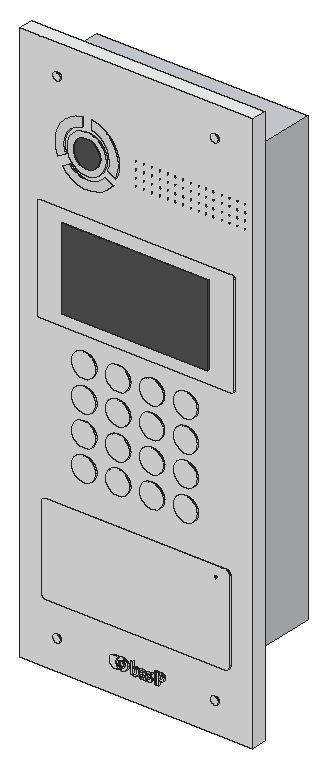
Revit family "BAS-IP_Вызывная панель_AA-07MD", category Устройства связи, Revit 2019
Family settings
  Сохранять ориентацию аннотаций = Нет
  Размер круглого соединителя = Использовать диаметр
  Тип детали = Нормальный
  На основе рабочей плоскости = Нет
  Всегда вертикально = Да
  При загрузке вырезать с полостями = Нет
  Общий = Нет
  Точка расчета площади = Нет
Parameters (values of type "Серебристый")
  Цветовое решение = "Серебристый"
  Цвет = Gray silver
  Угол обзора камеры = "110° (по горизонтали)"
  УГО_Смещение_Y [instance] = 0 mm
  УГО_Смещение_X [instance] = 0 mm
  Тип установки = "Врезной, накладной с BR-AA"
  Тип панели = "Многоквартирная"
  Тип клавиатуры = "Механические кнопки с подсветкой"
  Температурный режим = "-40 – +65 °С"
  Разрешение = "2 Мп"
  Размер самой панели = "155 × 375 × 55 мм"
  Размер под установку = "140 × 350 × 60 мм"
  Потребление питания = "6,5 Вт, в режиме ожидания - 3,6 Вт"
  Питание = "+12 В постоянного тока"
  Ночная подсветка = "6 светодиодов"
  Минимальная освещенность = "0,01 Люкс"
  Корпус = "Алюминий"
  Класс степени защиты = "IP65"
  Камера = "1/3”"
  Изготовитель = "BAS-IP"  # constant formula
  Зона обслуживания [instance] = no
  Дисплей = "4,3” TFT, цветной с подсветкой"
  Выходное видео = "HalfHD (1280x720), H.264 Main Profile"
  IK-код = "IK07"
  ADSK_Размер_Смещение от уровня [instance] = 1000 mm
  ADSK_Примечание [instance] = ""
  ADSK_Позиция [instance] = ""
  ADSK_Наименование = "Многоабонентская IP вызывная панель с TFT экраном 4,3 дюйма"
  ADSK_Материал = Silver
  ADSK_Марка = "AA-07MD Silver"
  ADSK_Количество = 1  # constant formula
  ADSK_Код изделия = ""
  ADSK_Завод-изготовитель = "BAS-IP"  # constant formula
  ADSK_Единица измерения = "шт."  # constant formula
Reference planes
  plane 1 "По центру (Вперед/Назад)": y = 0
  plane 2: z = 0
  plane 3 "По центру (Влево/Вправо)": x = 0
  plane 4: z = 1000
  plane 5: z = 0
  plane 6: y = 0
  plane 7: x = 0
Forms (mm)
  Extrusion 1, solid, material "Silver" <- "ADSK_Материал", detail levels medium+fine
    sketch origin (0, -8, 1000) x (1, 0, 0) y (0, 0, 1)
      loop
        line (-77.5, 0) -> (77.5, 0) -> (77.5, 375) -> (-77.5, 375) -> (-77.5, 0)
    from -8 to 2
  Extrusion 2, solid, detail levels medium+fine
    sketch origin (0, -8, 1000) x (1, 0, 0) y (0, 0, 1)
      loop
        line (-70, 350) -> (-70, 50) -> (70, 50) -> (70, 350) -> (-70, 350)
    from -53 to -8
  Extrusion 3, solid, material "Silver" <- "ADSK_Материал", detail levels fine
    sketch origin (0, -7.5, 1000) x (1, 0, 0) y (0, 0, 1)
      loop
        arc (-59.5, 100.854) -> (-61.621, 99.975) -> (-62.5, 97.854) r 3
        line (-62.5, 97.854) -> (-62.5, 43.854)
        arc (-62.5, 43.854) -> (-61.621, 41.732) -> (-59.5, 40.854) r 3
        line (-59.5, 40.854) -> (59.5, 40.854)
        arc (59.5, 40.854) -> (61.621, 41.732) -> (62.5, 43.854) r 3
        line (62.5, 43.854) -> (62.5, 97.854)
        arc (62.5, 97.854) -> (61.621, 99.975) -> (59.5, 100.854) r 3
        line (59.5, 100.854) -> (-59.5, 100.854)
    from 2 to 3
  Extrusion 4, void, detail levels fine
    sketch origin (-6.684, -8, 1047.747) x (1, 0, 0) y (0, 0, 1)
      loop
        circle (60.5, 46.187) r 1
    from 0 to 2.5
  Extrusion 5, void, detail levels fine
    sketch origin (-209.374, -8, 1225.582) x (1, 0, 0) y (0, 0, 1)
      loop
        circle (209.254, 97.039) r 0.5
      loop
        circle (214.754, 97.039) r 0.5
      loop
        circle (220.004, 97.039) r 0.5
      loop
        circle (225.316, 97.039) r 0.5
      loop
        circle (209.254, 92.039) r 0.5
      loop
        circle (214.754, 92.039) r 0.5
      loop
        circle (220.004, 92.039) r 0.5
      loop
        circle (225.316, 92.039) r 0.5
      loop
        circle (209.254, 87.039) r 0.5
      loop
        circle (214.754, 87.039) r 0.5
      loop
        circle (220.004, 87.039) r 0.5
      loop
        circle (225.316, 87.039) r 0.5
      loop
        circle (209.254, 82.039) r 0.5
      loop
        circle (214.754, 82.039) r 0.5
      loop
        circle (220.004, 82.039) r 0.5
      loop
        circle (225.316, 82.039) r 0.5
      loop
        circle (276.937, 97.039) r 0.5
      loop
        circle (271.687, 97.039) r 0.5
      loop
        circle (266.375, 97.039) r 0.5
      loop
        circle (276.937, 92.039) r 0.5
      loop
        circle (271.687, 92.039) r 0.5
      loop
        circle (266.375, 92.039) r 0.5
      loop
        circle (276.937, 87.039) r 0.5
      loop
        circle (271.687, 87.039) r 0.5
      loop
        circle (266.375, 87.039) r 0.5
      loop
        circle (276.937, 82.039) r 0.5
      loop
        circle (271.687, 82.039) r 0.5
      loop
        circle (266.375, 82.039) r 0.5
      loop
        circle (282.187, 97.039) r 0.5
      loop
        circle (282.187, 92.039) r 0.5
      loop
        circle (282.187, 87.039) r 0.5
      loop
        circle (282.187, 82.039) r 0.5
    from 1 to 2
  Extrusion 6, void, detail levels fine
    sketch origin (-209.374, -8, 1305.582) x (1, 0, 0) y (0, 0, 1)
      loop
        circle (245.846, 17.039) r 0.5
      loop
        circle (245.846, 12.039) r 0.5
      loop
        circle (245.846, 7.039) r 0.5
      loop
        circle (245.846, 2.039) r 0.5
      loop
        circle (240.596, 17.039) r 0.5
      loop
        circle (240.596, 12.039) r 0.5
      loop
        circle (240.596, 7.039) r 0.5
      loop
        circle (240.596, 2.039) r 0.5
      loop
        circle (235.658, 17.039) r 0.5
      loop
        circle (235.658, 12.039) r 0.5
      loop
        circle (235.658, 7.039) r 0.5
      loop
        circle (235.658, 2.039) r 0.5
      loop
        circle (251.096, 17.039) r 0.5
      loop
        circle (251.096, 12.039) r 0.5
      loop
        circle (251.096, 7.039) r 0.5
      loop
        circle (251.096, 2.039) r 0.5
      loop
        circle (256.033, 17.039) r 0.5
      loop
        circle (256.033, 12.039) r 0.5
      loop
        circle (256.033, 7.039) r 0.5
      loop
        circle (256.033, 2.039) r 0.5
      loop
        circle (230.721, 17.039) r 0.5
      loop
        circle (230.721, 12.039) r 0.5
      loop
        circle (230.721, 7.039) r 0.5
      loop
        circle (230.721, 2.039) r 0.5
      loop
        circle (260.971, 17.039) r 0.5
      loop
        circle (260.971, 12.039) r 0.5
      loop
        circle (260.971, 7.039) r 0.5
      loop
        circle (260.971, 2.039) r 0.5
    from 0 to 2
  Extrusion 7, solid, material "Black", detail levels fine
    sketch origin (0, -8, 1019.127) x (1, 0, 0) y (0, 0, 1)
      loop
        line (-48.5, 250.279) -> (-48.5, 196.279) -> (48.5, 196.279) -> (48.5, 250.279) -> (-48.5, 250.279)
    from 1.5 to 3
  Extrusion 8, solid, material "Silver" <- "ADSK_Материал", detail levels fine
    sketch origin (-5.5, -7.5, 1139.127) x (1, 0, 0) y (0, 0, 1)
      loop
        arc (-58, 138.279) -> (-59.414, 137.693) -> (-60, 136.279) r 2
        line (-60, 136.279) -> (-60, 70.279)
        arc (-60, 70.279) -> (-59.414, 68.864) -> (-58, 68.279) r 2
        line (-58, 68.279) -> (69, 68.279)
        arc (69, 68.279) -> (70.414, 68.864) -> (71, 70.279) r 2
        line (71, 70.279) -> (71, 136.279)
        arc (71, 136.279) -> (70.414, 137.693) -> (69, 138.279) r 2
        line (69, 138.279) -> (-58, 138.279)
    from 2 to 3
  Extrusion 9, solid, material "Gray silver", detail levels fine
    sketch origin (150.034, -8, 1088.366) x (1, 0, 0) y (0, 0, 1)
      loop
        circle (-202.534, 266.634) r 2.5
      loop
        circle (-97.534, 266.634) r 2.5
      loop
        circle (-202.534, -68.366) r 2.5
      loop
        circle (-97.534, -68.366) r 2.5
    from 0 to 2.5
  Extrusion 10, solid, material "Black", detail levels fine
    sketch origin (-32.5, -7.5, 1180.728) x (1, 0, 0) y (0, 0, 1)
      loop
        circle (0, 135.001) r 9
    from 2 to 3
  Extrusion 11, solid, material "White", detail levels fine
    sketch origin (-32.5, -7.5, 1180.728) x (1, 0, 0) y (0, 0, 1)
      loop
        arc (-14.192, 130.272) -> (-13.253, 142.888) -> (-3, 150.299) r 15
        line (-3, 150.299) -> (-3, 156.293)
        arc (-3, 156.293) -> (-18.287, 145.815) -> (-19.322, 127.31) r 21
        line (-19.322, 127.31) -> (-14.192, 130.272)
      loop
        line (14.192, 130.272) -> (19.322, 127.31)
        arc (19.322, 127.31) -> (18.287, 145.815) -> (3, 156.293) r 21
        line (3, 156.293) -> (3, 150.299)
        arc (3, 150.299) -> (13.253, 142.888) -> (14.192, 130.272) r 15
      loop
        line (-11.192, 125.075) -> (-16.322, 122.114)
        arc (-16.322, 122.114) -> (0.221, 113.757) -> (16.939, 121.757) r 21
        line (16.939, 121.757) -> (11.749, 124.754)
        arc (11.749, 124.754) -> (0.204, 119.58) -> (-11.192, 125.075) r 15
    from 2 to 3
  Extrusion 12, solid, material "Silver" <- "ADSK_Материал", detail levels fine
    sketch origin (0, -7.5, 1000) x (1, 0, 0) y (0, 0, 1)
      loop
        circle (-34.465, 189.282) r 8.017
      loop
        circle (-11.965, 189.282) r 8.017
      loop
        circle (10.535, 189.282) r 8.017
      loop
        circle (33.035, 189.282) r 8.017
      loop
        circle (-34.465, 168.645) r 8.017
      loop
        circle (-11.965, 168.645) r 8.017
      loop
        circle (10.535, 168.645) r 8.017
      loop
        circle (33.035, 168.645) r 8.017
      loop
        circle (-34.465, 148.02) r 8.017
      loop
        circle (-11.965, 148.02) r 8.017
      loop
        circle (10.535, 148.02) r 8.017
      loop
        circle (33.035, 148.02) r 8.017
      loop
        circle (-34.465, 127.395) r 8.017
      loop
        circle (-11.965, 127.395) r 8.017
      loop
        circle (10.535, 127.395) r 8.017
      loop
        circle (33.035, 127.395) r 8.017
    from 2 to 3
  Extrusion 13, solid, material "White", detail levels fine
    sketch origin (0, 0, 1000) x (1, 0, 0) y (0, 0, 1)
      loop
        circle (-32.5, 315.729) r 13
      loop
        circle (-32.5, 315.729) r 9
    from 9.5 to 10.5
  Extrusion 14, solid, material "Silver" <- "ADSK_Материал", not visible, detail levels medium+fine
    sketch origin (0, -8, 0) x (1, 0, 0) y (0, 0, 1)
      loop
        line (-77.5, 0) -> (77.5, 0) -> (77.5, 375) -> (-77.5, 375) -> (-77.5, 0)
    from -8 to 2
  Extrusion 15, solid, not visible, detail levels medium+fine
    sketch origin (0, -8, 0) x (1, 0, 0) y (0, 0, 1)
      loop
        line (-70, 350) -> (-70, 50) -> (70, 50) -> (70, 350) -> (-70, 350)
    from -53 to -8
  Extrusion 16, solid, material "Silver" <- "ADSK_Материал", not visible, detail levels fine
    sketch origin (0, -7.5, 0) x (1, 0, 0) y (0, 0, 1)
      loop
        arc (-59.5, 100.854) -> (-61.621, 99.975) -> (-62.5, 97.854) r 3
        line (-62.5, 97.854) -> (-62.5, 43.854)
        arc (-62.5, 43.854) -> (-61.621, 41.732) -> (-59.5, 40.854) r 3
        line (-59.5, 40.854) -> (59.5, 40.854)
        arc (59.5, 40.854) -> (61.621, 41.732) -> (62.5, 43.854) r 3
        line (62.5, 43.854) -> (62.5, 97.854)
        arc (62.5, 97.854) -> (61.621, 99.975) -> (59.5, 100.854) r 3
        line (59.5, 100.854) -> (-59.5, 100.854)
    from 2 to 3
  Extrusion 17, void, not visible, detail levels fine
    sketch origin (-6.684, -8, 47.747) x (1, 0, 0) y (0, 0, 1)
      loop
        circle (60.5, 46.187) r 1
    from 0 to 2.5
  Extrusion 18, void, not visible, detail levels fine
    sketch origin (-209.374, -8, 225.582) x (1, 0, 0) y (0, 0, 1)
      loop
        circle (209.254, 97.039) r 0.5
      loop
        circle (214.754, 97.039) r 0.5
      loop
        circle (220.004, 97.039) r 0.5
      loop
        circle (225.316, 97.039) r 0.5
      loop
        circle (209.254, 92.039) r 0.5
      loop
        circle (214.754, 92.039) r 0.5
      loop
        circle (220.004, 92.039) r 0.5
      loop
        circle (225.316, 92.039) r 0.5
      loop
        circle (209.254, 87.039) r 0.5
      loop
        circle (214.754, 87.039) r 0.5
      loop
        circle (220.004, 87.039) r 0.5
      loop
        circle (225.316, 87.039) r 0.5
      loop
        circle (209.254, 82.039) r 0.5
      loop
        circle (214.754, 82.039) r 0.5
      loop
        circle (220.004, 82.039) r 0.5
      loop
        circle (225.316, 82.039) r 0.5
      loop
        circle (276.937, 97.039) r 0.5
      loop
        circle (271.687, 97.039) r 0.5
      loop
        circle (266.375, 97.039) r 0.5
      loop
        circle (276.937, 92.039) r 0.5
      loop
        circle (271.687, 92.039) r 0.5
      loop
        circle (266.375, 92.039) r 0.5
      loop
        circle (276.937, 87.039) r 0.5
      loop
        circle (271.687, 87.039) r 0.5
      loop
        circle (266.375, 87.039) r 0.5
      loop
        circle (276.937, 82.039) r 0.5
      loop
        circle (271.687, 82.039) r 0.5
      loop
        circle (266.375, 82.039) r 0.5
      loop
        circle (282.187, 97.039) r 0.5
      loop
        circle (282.187, 92.039) r 0.5
      loop
        circle (282.187, 87.039) r 0.5
      loop
        circle (282.187, 82.039) r 0.5
    from 1 to 2
  Extrusion 19, void, not visible, detail levels fine
    sketch origin (-209.374, -8, 305.582) x (1, 0, 0) y (0, 0, 1)
      loop
        circle (245.846, 17.039) r 0.5
      loop
        circle (245.846, 12.039) r 0.5
      loop
        circle (245.846, 7.039) r 0.5
      loop
        circle (245.846, 2.039) r 0.5
      loop
        circle (240.596, 17.039) r 0.5
      loop
        circle (240.596, 12.039) r 0.5
      loop
        circle (240.596, 7.039) r 0.5
      loop
        circle (240.596, 2.039) r 0.5
      loop
        circle (235.658, 17.039) r 0.5
      loop
        circle (235.658, 12.039) r 0.5
      loop
        circle (235.658, 7.039) r 0.5
      loop
        circle (235.658, 2.039) r 0.5
      loop
        circle (251.096, 17.039) r 0.5
      loop
        circle (251.096, 12.039) r 0.5
      loop
        circle (251.096, 7.039) r 0.5
      loop
        circle (251.096, 2.039) r 0.5
      loop
        circle (256.033, 17.039) r 0.5
      loop
        circle (256.033, 12.039) r 0.5
      loop
        circle (256.033, 7.039) r 0.5
      loop
        circle (256.033, 2.039) r 0.5
      loop
        circle (230.721, 17.039) r 0.5
      loop
        circle (230.721, 12.039) r 0.5
      loop
        circle (230.721, 7.039) r 0.5
      loop
        circle (230.721, 2.039) r 0.5
      loop
        circle (260.971, 17.039) r 0.5
      loop
        circle (260.971, 12.039) r 0.5
      loop
        circle (260.971, 7.039) r 0.5
      loop
        circle (260.971, 2.039) r 0.5
    from 0 to 2
  Extrusion 20, solid, material "Black", not visible, detail levels fine
    sketch origin (0, -8, 19.127) x (1, 0, 0) y (0, 0, 1)
      loop
        line (-48.5, 250.279) -> (-48.5, 196.279) -> (48.5, 196.279) -> (48.5, 250.279) -> (-48.5, 250.279)
    from 1.5 to 3
  Extrusion 21, solid, material "Silver" <- "ADSK_Материал", not visible, detail levels fine
    sketch origin (-5.5, -7.5, 139.127) x (1, 0, 0) y (0, 0, 1)
      loop
        arc (-58, 138.279) -> (-59.414, 137.693) -> (-60, 136.279) r 2
        line (-60, 136.279) -> (-60, 70.279)
        arc (-60, 70.279) -> (-59.414, 68.864) -> (-58, 68.279) r 2
        line (-58, 68.279) -> (69, 68.279)
        arc (69, 68.279) -> (70.414, 68.864) -> (71, 70.279) r 2
        line (71, 70.279) -> (71, 136.279)
        arc (71, 136.279) -> (70.414, 137.693) -> (69, 138.279) r 2
        line (69, 138.279) -> (-58, 138.279)
    from 2 to 3
  Extrusion 22, solid, material "Gray silver", not visible, detail levels fine
    sketch origin (150.034, -8, 88.366) x (1, 0, 0) y (0, 0, 1)
      loop
        circle (-202.534, 266.634) r 2.5
      loop
        circle (-97.534, 266.634) r 2.5
      loop
        circle (-202.534, -68.366) r 2.5
      loop
        circle (-97.534, -68.366) r 2.5
    from 0 to 2.5
  Extrusion 23, solid, material "Black", not visible, detail levels fine
    sketch origin (-32.5, -7.5, 180.728) x (1, 0, 0) y (0, 0, 1)
      loop
        circle (0, 135.001) r 9
    from 2 to 3
  Extrusion 24, solid, material "White", not visible, detail levels fine
    sketch origin (-32.5, -7.5, 180.728) x (1, 0, 0) y (0, 0, 1)
      loop
        arc (-14.192, 130.272) -> (-13.253, 142.888) -> (-3, 150.299) r 15
        line (-3, 150.299) -> (-3, 156.293)
        arc (-3, 156.293) -> (-18.287, 145.815) -> (-19.322, 127.31) r 21
        line (-19.322, 127.31) -> (-14.192, 130.272)
      loop
        line (14.192, 130.272) -> (19.322, 127.31)
        arc (19.322, 127.31) -> (18.287, 145.815) -> (3, 156.293) r 21
        line (3, 156.293) -> (3, 150.299)
        arc (3, 150.299) -> (13.253, 142.888) -> (14.192, 130.272) r 15
      loop
        line (-11.192, 125.075) -> (-16.322, 122.114)
        arc (-16.322, 122.114) -> (0.221, 113.757) -> (16.939, 121.757) r 21
        line (16.939, 121.757) -> (11.749, 124.754)
        arc (11.749, 124.754) -> (0.204, 119.58) -> (-11.192, 125.075) r 15
    from 2 to 3
  Extrusion 25, solid, material "Silver" <- "ADSK_Материал", not visible, detail levels fine
    sketch origin (0, -7.5, 0) x (1, 0, 0) y (0, 0, 1)
      loop
        circle (-34.465, 189.282) r 8.017
      loop
        circle (-11.965, 189.282) r 8.017
      loop
        circle (10.535, 189.282) r 8.017
      loop
        circle (33.035, 189.282) r 8.017
      loop
        circle (-34.465, 168.645) r 8.017
      loop
        circle (-11.965, 168.645) r 8.017
      loop
        circle (10.535, 168.645) r 8.017
      loop
        circle (33.035, 168.645) r 8.017
      loop
        circle (-34.465, 148.02) r 8.017
      loop
        circle (-11.965, 148.02) r 8.017
      loop
        circle (10.535, 148.02) r 8.017
      loop
        circle (33.035, 148.02) r 8.017
      loop
        circle (-34.465, 127.395) r 8.017
      loop
        circle (-11.965, 127.395) r 8.017
      loop
        circle (10.535, 127.395) r 8.017
      loop
        circle (33.035, 127.395) r 8.017
    from 2 to 3
  Extrusion 26, solid, material "White", not visible, detail levels fine
    sketch origin (0, 0, 0) x (1, 0, 0) y (0, 0, 1)
      loop
        circle (-32.5, 315.729) r 13
      loop
        circle (-32.5, 315.729) r 9
    from 9.5 to 10.5
Cuts and joins
  Extrusion 4, Extrusion 5, Extrusion 6 cuts Extrusion 1
  Extrusion 4 cuts Extrusion 3
Dimensions and locks
  "ADSK_Размер_Смещение от уровня": plane 4 to level
  "УГО_Смещение_X": plane 3 "По центру (Влево/Вправо)" to plane 7
  "УГО_Смещение_Y": plane 6 to plane 1 "По центру (Вперед/Назад)"
  aligned and locked: level to plane 2
  aligned and locked: cut or joined group of Extrusion 1, Extrusion 4, Extrusion 5, Extrusion 6 to plane 4
  aligned and locked: nested 5 to plane 6
  aligned and locked: plane 7 to nested 5
Automatic sketch dimensions
  Extrusion 2 sketch curve to Extrusion 2 sketch curve = 300 mm
  Extrusion 3 sketch curve to Extrusion 3 sketch curve = 3 mm  (x3)
  Extrusion 3 sketch curve to Extrusion 3 sketch curve = 0 mm
  Extrusion 3 sketch curve to Extrusion 3 sketch curve = 54 mm
  Extrusion 5 sketch curve to Extrusion 5 sketch curve = 0 mm  (x27)
  Extrusion 5 sketch curve to Extrusion 5 sketch curve = 5.25 mm  (x5)
  Extrusion 5 sketch curve to Extrusion 5 sketch curve = 5.313 mm  (x4)
  Extrusion 5 sketch curve to Extrusion 5 sketch curve = 41.058 mm
  Extrusion 5 sketch curve to Extrusion 5 sketch curve = 5 mm  (x24)
  Extrusion 6 sketch curve to Extrusion 6 sketch curve = 0 mm  (x26)
  Extrusion 6 sketch curve to Extrusion 6 sketch curve = 4.938 mm  (x16)
  Extrusion 6 sketch curve to Extrusion 6 sketch curve = 5.25 mm  (x2)
  Extrusion 6 sketch curve to Extrusion 6 sketch curve = 5 mm  (x10)
  Extrusion 7 sketch curve to Extrusion 7 sketch curve = 54 mm
  Extrusion 8 sketch curve to Extrusion 8 sketch curve = 2 mm  (x3)
  Extrusion 8 sketch curve to Extrusion 8 sketch curve = 66 mm
  Extrusion 9 sketch curve to Extrusion 9 sketch curve = 335 mm
  Extrusion 9 sketch curve to Extrusion 9 sketch curve = 0 mm  (x3)
  Extrusion 11 sketch curve to Extrusion 11 sketch curve = 3 mm
  Extrusion 11 sketch curve to Extrusion 11 sketch curve = 5.13 mm  (x3)
  Extrusion 11 sketch curve to Extrusion 11 sketch curve = 11.192 mm
  Extrusion 11 sketch curve to Extrusion 11 sketch curve = 2.841 mm
  Extrusion 11 sketch curve to Extrusion 11 sketch curve = 0.148 mm  (x2)
  Extrusion 11 sketch curve to Extrusion 11 sketch curve = 0.021 mm
  Extrusion 11 sketch curve to Extrusion 11 sketch curve = 0.403 mm
  Extrusion 11 sketch curve to Extrusion 11 sketch curve = 0.032 mm
  Extrusion 11 sketch curve to Extrusion 11 sketch curve = 6 mm
  Extrusion 11 sketch curve to Extrusion 11 sketch curve = 11.335 mm
  Extrusion 11 sketch curve to Extrusion 11 sketch curve = 2.443 mm
  Extrusion 11 sketch curve to Extrusion 11 sketch curve = 5.191 mm
  Extrusion 11 sketch curve to Extrusion 11 sketch curve = 0.356 mm
  Extrusion 11 sketch curve to Extrusion 11 sketch curve = 2.997 mm
  Extrusion 11 sketch curve to Extrusion 11 sketch curve = 2.962 mm  (x3)
  Extrusion 11 sketch curve to Extrusion 11 sketch curve = 5.196 mm
  Extrusion 11 sketch curve to Extrusion 11 sketch curve = 5.553 mm
  Extrusion 11 sketch curve to Extrusion 11 sketch curve = 0.754 mm
  Extrusion 11 sketch curve to Extrusion 11 sketch curve = 0 mm
  Extrusion 11 sketch curve to Extrusion 11 sketch curve = 0.061 mm  (x2)
  Extrusion 12 sketch curve to Extrusion 12 sketch curve = 0 mm  (x13)
  Extrusion 12 sketch curve to Extrusion 12 sketch curve = 22.5 mm  (x5)
  Extrusion 12 sketch curve to Extrusion 12 sketch curve = 20.625 mm  (x8)
  Extrusion 12 sketch curve to Extrusion 12 sketch curve = 20.638 mm  (x4)
  Extrusion 13 sketch curve to Extrusion 13 sketch curve = 0 mm  (x4)
  Extrusion 1 sketch curve to Extrusion 1 sketch curve = 155 mm
  Extrusion 1 sketch curve to Extrusion 1 sketch curve = 375 mm
  Extrusion 2 sketch curve to Extrusion 2 sketch curve = 140 mm
  Extrusion 3 sketch curve to Extrusion 3 sketch curve = 119 mm
  Extrusion 5 sketch curve to Extrusion 5 sketch curve = 5.5 mm
  Extrusion 7 sketch curve to Extrusion 7 sketch curve = 97 mm
  Extrusion 8 sketch curve to Extrusion 8 sketch curve = 127 mm
  Extrusion 8 sketch curve to Extrusion 8 sketch curve = 0 mm
  Extrusion 9 sketch curve to Extrusion 9 sketch curve = 105 mm  (x2)
  Extrusion 15 sketch curve to Extrusion 15 sketch curve = 300 mm
  Extrusion 16 sketch curve to Extrusion 16 sketch curve = 3 mm  (x3)
  Extrusion 16 sketch curve to Extrusion 16 sketch curve = 0 mm
  Extrusion 16 sketch curve to Extrusion 16 sketch curve = 54 mm
  Extrusion 18 sketch curve to Extrusion 18 sketch curve = 0 mm  (x27)
  Extrusion 18 sketch curve to Extrusion 18 sketch curve = 5.25 mm  (x5)
  Extrusion 18 sketch curve to Extrusion 18 sketch curve = 5.313 mm  (x4)
  Extrusion 18 sketch curve to Extrusion 18 sketch curve = 41.058 mm
  Extrusion 18 sketch curve to Extrusion 18 sketch curve = 5 mm  (x24)
  Extrusion 19 sketch curve to Extrusion 19 sketch curve = 0 mm  (x26)
  Extrusion 19 sketch curve to Extrusion 19 sketch curve = 4.938 mm  (x16)
  Extrusion 19 sketch curve to Extrusion 19 sketch curve = 5.25 mm  (x2)
  Extrusion 19 sketch curve to Extrusion 19 sketch curve = 5 mm  (x10)
  Extrusion 20 sketch curve to Extrusion 20 sketch curve = 54 mm
  Extrusion 21 sketch curve to Extrusion 21 sketch curve = 2 mm  (x3)
  Extrusion 21 sketch curve to Extrusion 21 sketch curve = 66 mm
  Extrusion 22 sketch curve to Extrusion 22 sketch curve = 335 mm
  Extrusion 22 sketch curve to Extrusion 22 sketch curve = 0 mm  (x3)
  Extrusion 24 sketch curve to Extrusion 24 sketch curve = 3 mm
  Extrusion 24 sketch curve to Extrusion 24 sketch curve = 5.13 mm  (x3)
  Extrusion 24 sketch curve to Extrusion 24 sketch curve = 11.192 mm
  Extrusion 24 sketch curve to Extrusion 24 sketch curve = 2.841 mm
  Extrusion 24 sketch curve to Extrusion 24 sketch curve = 0.148 mm  (x2)
  Extrusion 24 sketch curve to Extrusion 24 sketch curve = 0.021 mm
  Extrusion 24 sketch curve to Extrusion 24 sketch curve = 0.403 mm
  Extrusion 24 sketch curve to Extrusion 24 sketch curve = 0.032 mm
  Extrusion 24 sketch curve to Extrusion 24 sketch curve = 6 mm
  Extrusion 24 sketch curve to Extrusion 24 sketch curve = 11.335 mm
  Extrusion 24 sketch curve to Extrusion 24 sketch curve = 2.443 mm
  Extrusion 24 sketch curve to Extrusion 24 sketch curve = 5.191 mm
  Extrusion 24 sketch curve to Extrusion 24 sketch curve = 0.356 mm
  Extrusion 24 sketch curve to Extrusion 24 sketch curve = 2.997 mm
  Extrusion 24 sketch curve to Extrusion 24 sketch curve = 2.962 mm  (x3)
  Extrusion 24 sketch curve to Extrusion 24 sketch curve = 5.196 mm
  Extrusion 24 sketch curve to Extrusion 24 sketch curve = 5.553 mm
  Extrusion 24 sketch curve to Extrusion 24 sketch curve = 0.754 mm
  Extrusion 24 sketch curve to Extrusion 24 sketch curve = 0 mm
  Extrusion 24 sketch curve to Extrusion 24 sketch curve = 0.061 mm  (x2)
  Extrusion 25 sketch curve to Extrusion 25 sketch curve = 0 mm  (x13)
  Extrusion 25 sketch curve to Extrusion 25 sketch curve = 22.5 mm  (x5)
  Extrusion 25 sketch curve to Extrusion 25 sketch curve = 20.625 mm  (x8)
  Extrusion 25 sketch curve to Extrusion 25 sketch curve = 20.638 mm  (x4)
  Extrusion 26 sketch curve to Extrusion 26 sketch curve = 0 mm  (x4)
  Extrusion 14 sketch curve to Extrusion 14 sketch curve = 155 mm
  Extrusion 14 sketch curve to Extrusion 14 sketch curve = 375 mm
  Extrusion 15 sketch curve to Extrusion 15 sketch curve = 140 mm
  Extrusion 16 sketch curve to Extrusion 16 sketch curve = 119 mm
  Extrusion 18 sketch curve to Extrusion 18 sketch curve = 5.5 mm
  Extrusion 20 sketch curve to Extrusion 20 sketch curve = 97 mm
  Extrusion 21 sketch curve to Extrusion 21 sketch curve = 127 mm
  Extrusion 21 sketch curve to Extrusion 21 sketch curve = 0 mm
  Extrusion 22 sketch curve to Extrusion 22 sketch curve = 105 mm  (x2)
  radius of Extrusion 4 sketch curve = 1 mm
  radius of Extrusion 5 sketch curve = 0.5 mm  (x32)
  radius of Extrusion 6 sketch curve = 0.5 mm  (x28)
  radius of Extrusion 9 sketch curve = 2.5 mm  (x4)
  radius of Extrusion 10 sketch curve = 9 mm
  radius of Extrusion 12 sketch curve = 8.017 mm  (x16)
  radius of Extrusion 13 sketch curve = 13 mm
  radius of Extrusion 13 sketch curve = 9 mm
  radius of Extrusion 17 sketch curve = 1 mm
  radius of Extrusion 18 sketch curve = 0.5 mm  (x32)
  radius of Extrusion 19 sketch curve = 0.5 mm  (x28)
  radius of Extrusion 22 sketch curve = 2.5 mm  (x4)
  radius of Extrusion 23 sketch curve = 9 mm
  radius of Extrusion 25 sketch curve = 8.017 mm  (x16)
  radius of Extrusion 26 sketch curve = 13 mm
  radius of Extrusion 26 sketch curve = 9 mm
Nested families
  nested 1: "BAS-IP_Logo_M" at (1.25, -9.5, 1012.412), Материал <- "ADSK_Материал", type "BAS-IP_Logo_M", detail levels fine
    with Материал Silver
  nested 2: "Зона обслуживания" at (0, 0, 950), visible <- "Зона обслуживания", type "Зона обслуживания", detail levels fine
    with ADSK_Размер_Ширина 255 mm, ADSK_Размер_Высота 475 mm
  nested 3: "BAS-IP_Logo_M" at (1.25, -9.5, 12.412), Материал <- "ADSK_Материал", type "BAS-IP_Logo_M", not visible, detail levels fine
    with Материал Silver
  nested 4: "Зона обслуживания" at (0, 0, -50), visible <- "Зона обслуживания", type "Зона обслуживания", not visible, detail levels fine
    with ADSK_Размер_Ширина 255 mm, ADSK_Размер_Высота 475 mm
  nested 5: "УГО_Вызывная панель" at (0, 0, 0), type "УГО_Вызывная панель", detail levels coarse+medium
Connectors
  electrical at (0, 22.5, 1050)
    settings: on Extrusion 2, index 1, voltage 0 V, apparent load 0 VA, apparent load phase1 0 VA, apparent load phase2 0 VA, apparent load phase3 0 VA, power factor 1, load classification "Прочее", number of poles 1, system type 12, power factor state 1, is connector primary yes, connector utility no, sub classification motor no, connector description ""
Definition of nested family "BAS-IP_Logo_M"
  Parameters (values of type "BAS-IP_Logo_M")
    Материал [instance] = none
  Reference planes
    plane 1 "По центру (Вперед/Назад)": y = 0
    plane 2: z = 0
    plane 3 "По центру (Влево/Вправо)": x = 0
  Forms (mm)
    Extrusion 1, solid, material <- "Материал"
      sketch origin (0, 0, 0) x (1, 0, 0) y (0, 0, 1)
        loop
          circle (-10.243, 7.572) r 4
        loop
          circle (-10.243, 7.572) r 2.5
        loop
          circle (-10.243, 7.572) r 1.243
        loop
          line (-4.278, 11.609) -> (-4.278, 3.732)
          arc (-4.278, 3.732) -> (-2.247, 3.328) -> (-0.257, 3.903) r 4.38
          arc (-0.257, 3.903) -> (0.741, 6.101) -> (0.156, 8.443) r 3.668
          arc (0.156, 8.443) -> (-1.569, 9.278) -> (-3.12, 8.15) r 1.865
          line (-3.12, 8.15) -> (-3.12, 11.609) -> (-4.278, 11.609)
        loop
          line (4.381, 6.953) -> (2.708, 6.953)
          arc (2.708, 6.953) -> (1.143, 5.381) -> (2.193, 3.427) r 1.862
          line (2.193, 3.427) -> (5.385, 3.427)
          spline (5.385, 3.427) -> (5.486, 5.401) -> (5.48, 6.79) -> (5.388, 7.706) -> (5.23, 8.264) -> (5.026, 8.577) -> (4.796, 8.758) -> (4.549, 8.897) -> (4.259, 9.009) -> (3.891, 9.099) -> (3.39, 9.158) -> (2.65, 9.166) -> (1.566, 9.098)
          line (1.566, 9.098) -> (1.566, 8.205) -> (3.504, 8.205)
          arc (3.504, 8.205) -> (4.308, 7.835) -> (4.381, 6.953) r 0.878
        loop
          line (4.435, 6.281) -> (2.787, 6.281)
          arc (2.787, 6.281) -> (2.181, 5.255) -> (2.787, 4.229) r 1.171
          line (2.787, 4.229) -> (4.435, 4.229) -> (4.435, 6.281)
        loop
          line (-3.12, 7.277) -> (-3.12, 4.229)
          spline (-3.12, 4.229) -> (-1.778, 4.351) -> (-1.027, 4.671) -> (-0.608, 5.124) -> (-0.387, 5.678) -> (-0.289, 6.314) -> (-0.287, 6.974) -> (-0.427, 7.548) -> (-0.729, 7.952) -> (-1.126, 8.215) -> (-1.608, 8.34) -> (-2.312, 8.201) -> (-3.12, 7.277)
        loop
          spline (9.581, 9.006) -> (7.442, 9.112) -> (6.715, 8.885) -> (6.189, 8.423) -> (5.956, 7.76) -> (6.101, 7.123) -> (6.592, 6.658) -> (7.485, 6.226) -> (8.365, 5.733) -> (8.728, 5.173) -> (8.637, 4.701) -> (7.962, 4.38) -> (5.949, 4.472)
          line (5.949, 4.472) -> (5.865, 3.511)
          spline (5.865, 3.511) -> (7.993, 3.471) -> (9.031, 3.799) -> (9.606, 4.389) -> (9.789, 5.108) -> (9.608, 5.795) -> (9.176, 6.297) -> (8.515, 6.666) -> (7.712, 7.034) -> (7.093, 7.494) -> (7.013, 7.974) -> (7.796, 8.265) -> (9.507, 8.157)
          line (9.507, 8.157) -> (9.581, 9.006)
        loop
          line (11.296, 11.417) -> (11.296, 3.427) -> (12.325, 3.427) -> (12.325, 11.417) -> (11.296, 11.417)
        loop
          line (13.064, 11.417) -> (13.064, 3.427) -> (14.049, 3.427) -> (14.049, 6.359) -> (15.37, 6.359)
          arc (15.37, 6.359) -> (17.899, 8.888) -> (15.37, 11.417) r 2.529
          line (15.37, 11.417) -> (13.064, 11.417)
        loop
          line (14.049, 7.221) -> (15.318, 7.221)
          arc (15.318, 7.221) -> (16.739, 8.701) -> (15.638, 10.433) r 1.661
          line (15.638, 10.433) -> (14.049, 10.433) -> (14.049, 7.221)
      from 0 to 1
    Extrusion 2, solid, material <- "Материал"
      sketch origin (0, 0, 0) x (1, 0, 0) y (0, 0, 1)
        loop
          arc (-12.57, 10.825) -> (-18.868, 7.551) -> (-12.57, 4.276) r 4
          arc (-12.57, 4.276) -> (-14.235, 7.551) -> (-12.57, 10.825) r 4.053
      from 0 to 1
  Dimensions and locks
    aligned and locked: level to plane 2
Definition of nested family "Зона обслуживания"
  Parameters (values of type "Семейство1")
    Зона обслуживания = none
    ADSK_Размер_Ширина = 200 mm
    ADSK_Размер_Глубина = 120 mm
    ADSK_Размер_Высота = 250 mm
  Reference planes
    plane 1 "По центру (Вперед/Назад)": y = 0
    plane 2: z = 0
    plane 3 "По центру (Влево/Вправо)": x = 0
  Forms (mm)
    Extrusion 1, solid, material <- "Зона обслуживания"
      sketch origin (0, 0, 0) x (1, 0, 0) y (0, 1, 0)
        loop
          line (-100, 0) -> (-100, -120) -> (100, -120) -> (100, 0) -> (-100, 0)
      from 0 to 250 <- "ADSK_Размер_Высота"
  Dimensions and locks
    "ADSK_Размер_Глубина": Extrusion 1 sketch curve to plane 1 "По центру (Вперед/Назад)"
    equal spacing: Extrusion 1 sketch curve, plane 3 "По центру (Влево/Вправо)", Extrusion 1 sketch curve
    "ADSK_Размер_Ширина": Extrusion 1 sketch curve to Extrusion 1 sketch curve
    aligned and locked: level to plane 2
  Automatic sketch dimensions
    plane 1 "По центру (Вперед/Назад)" to Extrusion 1 sketch curve = 0 mm
Definition of nested family "УГО_Вызывная панель"
  Reference planes
    plane 1: y = 0
    plane 2: x = 0
  Lines and regions (mm)
    detail lines
      curve 1: line (-2, 0, 0) -> (2, 0, 0)
      curve 2: line (-2.5, -6.5, 0) -> (-2.5, -0.5, 0)
      curve 3: line (2, -7, 0) -> (-2, -7, 0)
      curve 4: line (2.5, -0.5, 0) -> (2.5, -6.5, 0)
      curve 5: arc (2, 0, 0) -> (2.354, -0.146, 0) -> (2.5, -0.5, 0) r 0.5
      curve 6: arc (-2.5, -0.5, 0) -> (-2.354, -0.146, 0) -> (-2, 0, 0) r 0.5
      curve 7: arc (-2, -7, 0) -> (-2.354, -6.854, 0) -> (-2.5, -6.5, 0) r 0.5
      curve 8: arc (2.5, -6.5, 0) -> (2.354, -6.854, 0) -> (2, -7, 0) r 0.5
      curve 9: line (-1.5, -3.39, 0) -> (1.5, -3.39, 0)
      curve 10: line (-1.5, -5.79, 0) -> (-1.5, -3.39, 0)
      curve 11: line (1.5, -5.19, 0) -> (-1.5, -5.19, 0)
      curve 12: line (1.5, -3.39, 0) -> (1.5, -5.79, 0)
      curve 13: circle (0, -1.5, 0) r 0.6 normal (0, 0, 1)
      curve 14: line (-1.5, -3.99, 0) -> (1.5, -3.99, 0)
      curve 15: line (-1.5, -4.59, 0) -> (1.5, -4.59, 0)
      curve 16: line (-0.5, -5.79, 0) -> (-0.5, -3.39, 0)
      curve 17: line (0.5, -5.79, 0) -> (0.5, -3.39, 0)
      curve 18: line (1.5, -5.79, 0) -> (-1.5, -5.79, 0)
